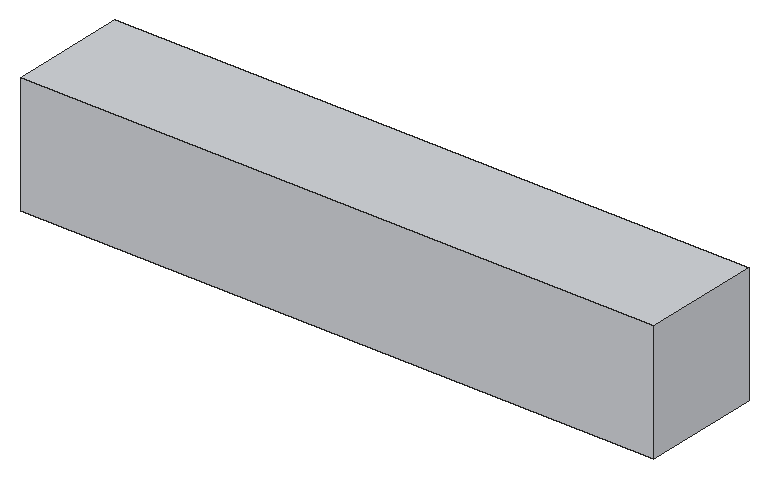
Revit family "設備サポート_I形", category Generic Models, host Face, Revit 2023
Family settings
  Host = Face
  Can host rebar = No
  Round Connector Dimension = Use Diameter
  Part Type = Normal
  Cut with Voids When Loaded = No
  Maintain Annotation Orientation = No
  Shared = No
  Room Calculation Point = No
Parameters
  長さ1 [instance] = 400 mm
  構造マテリアル [instance] = none
  Default Elevation = 1219.2 mm
  長さ2 [instance] = 75 mm
  幅1 [instance] = 75 mm
Reference planes
  plane 1 "中心(正面/背面)": y = 0
  plane 2: z = 0
  plane 3 "中心(左/右)": x = 0
Forms (mm)
  Extrusion 1, solid, material <- "構造マテリアル"
    sketch origin (0, 0, 0) x (1, 0, 0) y (0, 1, 0)
      loop
        line (-200, 37.5) -> (-200, -37.5) -> (200, -37.5) -> (200, 37.5) -> (-200, 37.5)
    from 0 to 75
Lines and regions (mm)
  reference lines
    curve 1: line (-200, -37.5, 0) -> (-200, 37.5, 0)
    curve 2: line (200, 37.5, 0) -> (200, -37.5, 0)
    curve 3: line (200, -37.5, 0) -> (-200, -37.5, 0)
    curve 4: line (-200, 37.5, 0) -> (200, 37.5, 0)
    curve 5: line (-480, 0, 0) -> (520, 0, 0)
    curve 6: line (-200, 0, 75) -> (200, 0, 75)
Dimensions and locks
  equal spacing: curve 4, plane 1 "中心(正面/背面)", curve 3
  equal spacing: curve 1, plane 3 "中心(左/右)", curve 2
  "幅1": curve 4 to curve 3
  "長さ1": curve 1 to curve 2
  "長さ2": curve 6 to curve 5
  equal spacing: curve 6, plane 3 "中心(左/右)", curve 6
  equal spacing: curve 3, plane 3 "中心(左/右)", curve 3
  "長さ1": curve 6 to curve 6
  "長さ1": curve 3 to curve 3
  aligned and locked: plane 2 to host face
  aligned and locked: level to host face
  aligned and locked: Extrusion 1 to curve 1  (x3)
  aligned and locked: Extrusion 1 to curve 2
  aligned and locked: Extrusion 1 to curve 6
Automatic sketch dimensions
  host sketch curve to host sketch curve = 2438.4 mm  (x2)
  Extrusion 1 sketch curve to plane 3 "中心(左/右)" = 200 mm
  plane 3 "中心(左/右)" to Extrusion 1 sketch curve = 200 mm
  plane 1 "中心(正面/背面)" to Extrusion 1 sketch curve = 37.5 mm
  Extrusion 1 sketch curve to plane 1 "中心(正面/背面)" = 37.5 mm
  curve 5 to level = 0 mm
  curve 5 to curve 6 = 280 mm
  curve 6 to curve 5 = 320 mm
